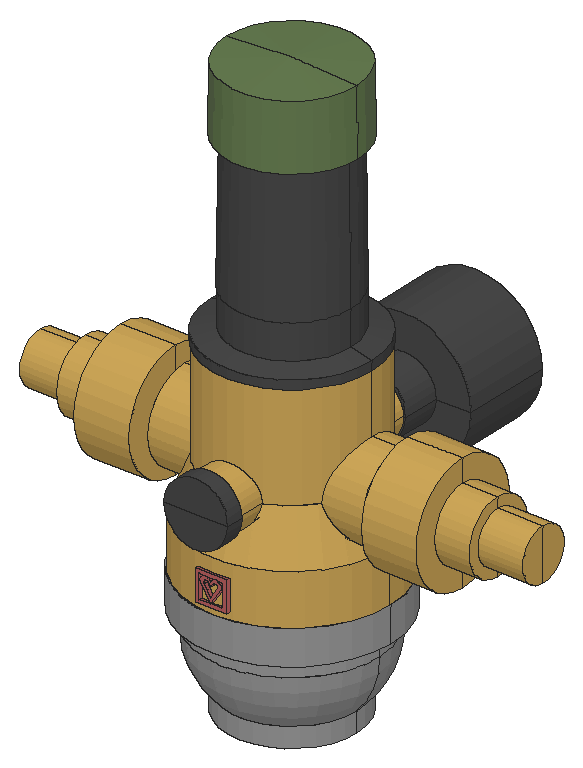
Revit family "HERZ Diaphragm Pressure Reducing Valve With Plastic Cap 2682", category Rohrzubehör, Revit 2021
Family settings
  Bemaßung runder Anschluss = Durchmesser verwenden
  Teiletyp = Unterbricht
  OmniClass-Nummer = 23.65.55.14
  OmniClass-Titel = Valves for Liquid Services
  Arbeitsebenenbasiert = Nein
  Immer vertikal = Ja
  Beim Laden mit Abzugskörper schneiden = Nein
  Gemeinsam genutzt = Nein
Parameters (values of type "Manometer back")
  Vorgabe-Ansicht = 0.000 mm
  Part number [instance] = size_lookup("2682_K_", "Artnr", 0, Nennweite)  # 1268211
  Note = "Pursuant to Article 33 of the REACH Regulation (EC No. 1907/2006), we are obliged to point out that the material lead is listed on the SVHC list and that all brass components manufactured in our products exceed 0.1% (w / w) lead (CAS: 7439-92-1 / EINECS: 231-100-4).\r\nSince lead is a component part of an alloy, actual exposure is not possible and therefore no additional information on safe use is necessary."
  Factory settings = 300000.0 Pa  # constant formula
  W01 = 91.00°  # constant formula
  Vorne [instance] = no
  VRL03 [instance] = size_lookup("2682_K_", "VRL3", 1.000 mm, Nennweite)  # 23.500 mm
  VRL02 [instance] = size_lookup("2682_K_", "VRL2", 1.000 mm, Nennweite)  # 16.000 mm
  VRL01 [instance] = size_lookup("2682_K_", "VRL1", 1.000 mm, Nennweite)  # 73.500 mm
  VRD02 [instance] = size_lookup("2682_K_", "VRD2", 1.000 mm, Nennweite)  # 17.000 mm
  VRD01 [instance] = size_lookup("2682_K_", "VRD1", 1.000 mm, Nennweite)  # 10.500 mm
  VRAG [instance] = Nennweite / 2  # 7.500 mm
  URL = "www.herzvalves.com"
  Standard = "EN 1567"  # constant formula
  Spring = "spring steel"  # constant formula
  SC_NennweiteBerechnet = 0
  SC_Dimension = ""
  SCTWSEQ = "AW;SBT_TYP_AW=\"111\";2"
  SCTWCODE = "04;24;02"  # constant formula
  S02 = 10.000 mm  # constant formula
  S01 [instance] = VRD02 * 2  # 34.000 mm
  R07 [instance] = R05 + 0.800 mm  # 9.300 mm
  R06 = 19.500 mm  # constant formula
  R05 [instance] = size_lookup("2682_K_", "R5", 1.000 mm, Nennweite)  # 8.500 mm
  R04 [instance] = size_lookup("2682_K_", "R4", 1.000 mm, Nennweite)  # 18.900 mm
  R03 [instance] = size_lookup("2682_K_", "R3", 1.000 mm, Nennweite)  # 19.250 mm
  R02 [instance] = size_lookup("2682_K_", "R2", 1.000 mm, Nennweite)  # 28.750 mm
  R01 [instance] = size_lookup("2682_K_", "R1", 1.000 mm, Nennweite)  # 23.250 mm
  Upper part = "PA6.6"  # constant formula
  Nennweite [instance] = 15.000 mm
  Max. operating temperature = 40 °C  # constant formula
  Diaphragm = "EPDM"  # constant formula
  Medium = "water"  # constant formula
  Max. inlet pressure = 1600000.0 Pa  # constant formula
  Manometer scale = "0 - 10 bar"  # constant formula
  Pressure gauge connectors = "1/4\" F (ISO 228-1)"
  LO01 [instance] = H02 - 2.000 mm  # 27.000 mm
  L01 [instance] = size_lookup("2682_K_", "L1", 1.000 mm, Nennweite)  # 10.600 mm
  L00 [instance] = size_lookup("2682_K_", "L", 1.000 mm, Nennweite)  # 84.000 mm
  Bottom cover = "PA12, transparent"  # constant formula
  Hinten [instance] = yes
  Hersteller = "HERZ Armaturen Ges.m.b.H."  # constant formula
  Handle = "PA 6.6, green"  # constant formula
  H12 [instance] = size_lookup("2682_K_", "H12", 1.000 mm, Nennweite)  # 5.800 mm
  H11 [instance] = size_lookup("2682_K_", "H11", 1.000 mm, Nennweite)  # 10.000 mm
  H10 [instance] = size_lookup("2682_K_", "H10", 1.000 mm, Nennweite)  # 37.000 mm
  H09 [instance] = H01 + H04 - H05  # 84.500 mm
  H08 [instance] = size_lookup("2682_K_", "H8", 1.000 mm, Nennweite)  # 20.000 mm
  H07 [instance] = size_lookup("2682_K_", "H7", 1.000 mm, Nennweite)  # 10.000 mm
  H06 [instance] = size_lookup("2682_K_", "H6", 1.000 mm, Nennweite)  # 2.500 mm
  H05 [instance] = size_lookup("2682_K_", "H5", 1.000 mm, Nennweite)  # 4.700 mm
  H04 [instance] = size_lookup("2682_K_", "H4", 1.000 mm, Nennweite)  # 58.700 mm
  H03 [instance] = D02 + 1.000 mm  # 14.220 mm
  H02 [instance] = size_lookup("2682_K_", "H2", 1.000 mm, Nennweite)  # 29.000 mm
  H01 [instance] = size_lookup("2682_K_", "H1", 1.000 mm, Nennweite)  # 30.500 mm
  GT1 [instance] = size_lookup("2682_K_", "GT1", 1.000 mm, Nennweite)  # 12.000 mm
  GT [instance] = size_lookup("2682_K_", "GT", 1.000 mm, Nennweite)  # 13.200 mm
  Filter = "stainless stee, mesh size 0.3 mm"  # constant formula
  Spring guide = "stainless steel"  # constant formula
  Outlet pressure range = "1.5 - 6 bar"  # constant formula
  Sealing = "EPDM"  # constant formula
  D09 [instance] = size_lookup("2682_K_", "D9", 1.000 mm, Nennweite)  # 19.000 mm
  D08 [instance] = size_lookup("2682_K_", "D8", 1.000 mm, Nennweite)  # 25.800 mm
  D07 [instance] = size_lookup("2682_K_", "D7", 1.000 mm, Nennweite)  # 29.000 mm
  D06 [instance] = size_lookup("2682_K_", "D6", 1.000 mm, Nennweite)  # 16.000 mm
  D05 [instance] = size_lookup("2682_K_", "D5", 1.000 mm, Nennweite)  # 16.800 mm
  D04 [instance] = size_lookup("2682_K_", "D4", 1.000 mm, Nennweite)  # 17.300 mm
  D03 [instance] = size_lookup("2682_K_", "D3", 1.000 mm, Nennweite)  # 23.500 mm
  D02 [instance] = size_lookup("2682_K_", "D2", 1.000 mm, Nennweite)  # 13.220 mm
  D01 [instance] = size_lookup("2682_K_", "D1", 1.000 mm, Nennweite)  # 9.525 mm
  Body = "forged brass acc. to EN 12165; CW626N"  # constant formula
  B03 = 5.000 mm  # constant formula
  B02 = 26.000 mm  # constant formula
  B01 [instance] = size_lookup("2682_K_", "B1", 1.000 mm, Nennweite)  # 30.000 mm
  B00 [instance] = size_lookup("2682_K_", "B", 1.000 mm, Nennweite)  # 67.000 mm
  External thread = "acc. to ISO 7-1 and ISO228"  # constant formula
  Application = "The pressure reducing valve protects installations against over pressure (reduces input pressure to a working level).\r\nIt can also be used in heating systems to protect boiler against increased pressure.\r\nThe outlet pressure is adjustable and does not vary with changes of the inlet pressure.\r\nThe outlet pressure can be adjusted by turning the green handle.\r\nTurning the handle clockwise increases the outlet pressure.\r\nTurning above the stated values on the pressure reducer scale may damage the valve.\r\nWe recommend the max. outlet pressure of 4 bar for private house installations (product long life, costs,...).\r\nAfter each new setting of the outlet pressure, the regulated pipe has to be opened and closed."
Types (3, lengths in mm): name | Note | Vorne | URL | Hinten | Application
  (no name) | "Pursuant to Article 33 of the REACH Regulation (EC No. 1907/2006), we are obliged to point out that the material lead is listed on the SVHC list and that all brass components manufactured in our products exceed 0.1% (w / w) lead (CAS: 7439-92-1 / EINECS: 231-100-4).\r\nSince lead is a component part of an alloy, actual exposure is not possible and therefore no additional information on safe use is necessary." | no | "www.herzvalves.com" | yes | "The pressure reducing valve protects installations against over pressure (reduces input pressure to a working level).\r\nIt can also be used in heating systems to protect boiler against increased pressure.\r\nThe outlet pressure is adjustable and does not vary with changes of the inlet pressure.\r\nThe outlet pressure can be adjusted by turning the green handle.\r\nTurning the handle clockwise increases the outlet pressure.\r\nTurning above the stated values on the pressure reducer scale may damage the valve.\r\nWe recommend the max. outlet pressure of 4 bar for private house installations (product long life, costs,...).\r\nAfter each new setting of the outlet pressure, the regulated pipe has to be opened and closed."
  Manometer front | "Gemäß Art 33 der REACH-Verordnung (EG Nr. 1907/2006) sind wir verpflichtet, darauf hinzuweisen, dass der Stoff Blei auf der SVHC-Liste geführt wird und dass alle aus Messing bestehenden Bauteile, die in unseren Erzeugnissen verarbeitet sind, mehr als 0,1 % (w/w) Blei (CAS: 7439-92-1 / EINECS: 231-100-4) enthalten.\r\nDa Blei als Legierungsbestandteil fest gebunden ist, sind keine Expositionen zu erwarten und daher sind keine zusätzlichen Angaben zur sicheren Verwendung notwendig." | yes | "www.herz-armaturen.at" | no | "Typischerweise dient der Druckreduzierer dazu, Installationen beziehungsweise Anlagen vor zu hohem Druck zu schützen.\r\nWeiters können Druckreduzierer in Heizungsanlagen eingesetzt werden, um zu hohe Drücke im Boiler zu verhindern.\r\nDer Druck nach dem Druckreduzierer ist im angegebenen Bereich einstellbar und steht nicht im Zusammenhang mit dem Vordruck.\r\nUm den Druck nach dem Druckreduzierer zu steigern, muss der Handgriff im Uhrzeigersinn gedreht werden.\r\nDurch das Einstellen von Drücken, welche die vorgegebene Skala überschreiten, können Schäden am Druckreduzierer entstehen.\r\nWir empfehlen einen maximalen Hinterdruck sekundärseitig von 4 bar für Anlagen in privaten Haushalten (lange Produktlebensdauer, geringe Kosten).\r\nNach jeder Änderung des Einstellwertes muss die Ausgangsseite druckentlastet werden, zum Beispiel durch Wasserzapfen."
  Manometer back | "Pursuant to Article 33 of the REACH Regulation (EC No. 1907/2006), we are obliged to point out that the material lead is listed on the SVHC list and that all brass components manufactured in our products exceed 0.1% (w / w) lead (CAS: 7439-92-1 / EINECS: 231-100-4).\r\nSince lead is a component part of an alloy, actual exposure is not possible and therefore no additional information on safe use is necessary." | no | "www.herzvalves.com" | yes | "The pressure reducing valve protects installations against over pressure (reduces input pressure to a working level).\r\nIt can also be used in heating systems to protect boiler against increased pressure.\r\nThe outlet pressure is adjustable and does not vary with changes of the inlet pressure.\r\nThe outlet pressure can be adjusted by turning the green handle.\r\nTurning the handle clockwise increases the outlet pressure.\r\nTurning above the stated values on the pressure reducer scale may damage the valve.\r\nWe recommend the max. outlet pressure of 4 bar for private house installations (product long life, costs,...).\r\nAfter each new setting of the outlet pressure, the regulated pipe has to be opened and closed."
Reference planes
  plane 1 "Mitte (Vorne/hinten)": y = 0
  plane 2: z = 0
  plane 3 "Mitte (Links/rechts)": x = 0
Forms (mm)
  Revolve 1, solid, material "Messing, weicher Gelbton, geschweißt", detail levels fine
    sketch origin (0, 0, 0) x (1, 0, 0) y (0, 0, 1)
      loop
        line (-42, 0) -> (42, 0) -> (42, 9.525) -> (31.4, 9.525) -> (31.4, 13.22) -> (-31.4, 13.22) -> (-31.4, 9.525) -> (-42, 9.525) -> (-42, 0)
      axis (-42, 0) -> (42, 0)
    angle from 0 to 360
  Revolve 2, solid, material "Messing, weicher Gelbton, geschweißt", detail levels fine
    sketch origin (0, 0, 0) x (1, 0, 0) y (0, 0, 1)
      loop
        line (0, -29) -> (28.75, -29) -> (28.75, -14.22) -> (23.25, 0) -> (23.25, 30.5) -> (0, 30.5) -> (0, -29)
      axis (0, 30.5) -> (0, -29)
    angle from 0 to 360
  Revolve 3, solid, material "Acetalharz, Schwarz", detail levels fine
    sketch origin (0, 0, 0) x (1, 0, 0) y (0, 0, 1)
      loop
        line (0, 30.5) -> (0, 89.2) -> (-16, 89.2) -> (-16, 84.5) -> (-16.8, 84.5) -> (-17.3, 44.5) -> (-17.3, 34.5) -> (-23.5, 33) -> (-23.5, 30.5) -> (0, 30.5)
      axis (0, 89.2) -> (0, 30.5)
    angle from 0 to 360
  Revolve 4, solid, material "Kunststoff GRÜN", detail levels fine
    sketch origin (0, 0, 0) x (1, 0, 0) y (0, 0, 1)
      loop
        line (0, 84.5) -> (19.25, 84.5) -> (18.9, 103.392)
        arc (18.9, 103.392) -> (9.466, 104.223) -> (0, 104.5) r 161.794
        line (0, 104.5) -> (0, 84.5)
      axis (0, 104.5) -> (0, 84.5)
    angle from 0 to 360
  Revolve 5, solid, material "Kunststoff, transparent", detail levels fine
    sketch origin (0, 0, 0) x (1, 0, 0) y (0, 0, 1)
      loop
        line (0, -29) -> (0, -66) -> (19, -66) -> (19, -60.2)
        arc (19, -60.2) -> (24.034, -52.577) -> (25.8, -43.615) r 23.626
        line (25.8, -43.615) -> (25.8, -39) -> (29, -39) -> (29, -29) -> (0, -29)
      axis (0, -29) -> (0, -66)
    angle from 0 to 360
  Revolve 6, solid, material "Messing, weicher Gelbton, geschweißt", detail levels fine
    sketch origin (0, 0, 0) x (1, 0, 0) y (0, 0, 1)
      loop
        line (34, 9.525) -> (46, 9.525) -> (46, 0) -> (73.5, 0) -> (73.5, 7.5) -> (60.3, 7.5) -> (60.3, 10.5) -> (50, 10.5) -> (50, 17) -> (34, 17) -> (34, 9.525)
      loop
        line (-34, 9.525) -> (-34, 17) -> (-50, 17) -> (-50, 10.5) -> (-60.3, 10.5) -> (-60.3, 7.5) -> (-73.5, 7.5) -> (-73.5, 0) -> (-46, 0) -> (-46, 9.525) -> (-34, 9.525)
      axis (-73.5, 0) -> (73.5, 0)
    angle from 0 to 360
  Revolve 7, solid, material "Messing, weicher Gelbton, geschweißt", detail levels fine
    sketch origin (0, 0, 0) x (1, 0, 0) y (0, 1, 0)
      loop
        line (0, 30) -> (0, -30) -> (8.5, -30) -> (8.5, 30) -> (0, 30)
      axis (0, 30) -> (0, -30)
    angle from 0 to 360
  Revolve 8, solid, material "Acetalharz, Schwarz", visible <- "Vorne", detail levels fine
    sketch origin (0, 0, 0) x (1, 0, 0) y (0, 1, 0)
      loop
        line (0, -30) -> (0, -65) -> (17.5, -65) -> (17.5, -67) -> (19.5, -67) -> (19.5, -41) -> (9.3, -41) -> (9.3, -30) -> (0, -30)
      axis (0, -30) -> (0, -67)
    angle from 0 to 360
  Revolve 9, solid, material "Acetalharz, Schwarz", visible <- "Vorne", detail levels fine
    sketch origin (0, 0, 0) x (1, 0, 0) y (0, 1, 0)
      loop
        line (0, 30) -> (9.3, 30) -> (9.3, 35) -> (0, 35) -> (0, 30)
      axis (0, 35) -> (0, 30)
    angle from 0 to 360
  Revolve 10, solid, material "Acetalharz, Schwarz", visible <- "Hinten", detail levels fine
    sketch origin (0, 0, 0) x (1, 0, 0) y (0, -1, 0)
      loop
        line (0, 30) -> (9.3, 30) -> (9.3, 35) -> (0, 35) -> (0, 30)
      axis (0, 35) -> (0, 30)
    angle from 0 to 360
  Revolve 11, solid, material "Acetalharz, Weiß", visible <- "Vorne", detail levels fine
    sketch origin (0, 0, 0) x (1, 0, 0) y (0, 1, 0)
      loop
        line (0, -65) -> (0, -66.5) -> (17.5, -66.5) -> (17.5, -65) -> (0, -65)
      axis (0, -65) -> (0, -66.5)
    angle from 0 to 360
  Revolve 12, solid, material "Acetalharz, Schwarz", visible <- "Hinten", detail levels fine
    sketch origin (0, 0, 0) x (1, 0, 0) y (0, -1, 0)
      loop
        line (0, -30) -> (0, -65) -> (17.5, -65) -> (17.5, -67) -> (19.5, -67) -> (19.5, -41) -> (9.3, -41) -> (9.3, -30) -> (0, -30)
      axis (0, -30) -> (0, -67)
    angle from 0 to 360
  Revolve 13, solid, material "Acetalharz, Weiß", visible <- "Hinten", detail levels fine
    sketch origin (0, 0, 0) x (1, 0, 0) y (0, -1, 0)
      loop
        line (0, -65) -> (0, -66.5) -> (17.5, -66.5) -> (17.5, -65) -> (0, -65)
      axis (0, -65) -> (0, -66.5)
    angle from 0 to 360
Lines and regions (mm)
  model lines, detail levels coarse+medium
    curve 1: line (-42, 0, -17) -> (-42, 0, 17)
    curve 2: line (-42, 0, 17) -> (42, 0, -34)
    curve 3: line (42, 0, -34) -> (42, 0, 34)
    curve 4: line (42, 0, 34) -> (-42, 0, -17)
    curve 5: line (-42, 0, 17) -> (-52, 0, 17)
    curve 6: line (-52, 0, 17) -> (-42, 0, 0)
    curve 7: line (-42, 0, -17) -> (-52, 0, -17)
    curve 8: line (-52, 0, -17) -> (-42, 0, 0)
    curve 9: line (-42, 0, 0) -> (-73.5, 0, 0)
    curve 10: line (42, 0, 17) -> (52, 0, 17)
    curve 11: line (52, 0, 17) -> (42, 0, 0)
    curve 12: line (42, 0, -17) -> (52, 0, -17)
    curve 13: line (52, 0, -17) -> (42, 0, 0)
    curve 14: line (42, 0, 0) -> (73.5, 0, 0)
    curve 15: line (-42, -17, 0) -> (-42, 17, 0)
    curve 16: line (-42, 17, 0) -> (42, -34, 0)
    curve 17: line (42, -34, 0) -> (42, 34, 0)
    curve 18: line (42, 34, 0) -> (-42, -17, 0)
    curve 19: line (-42, 17, 0) -> (-52, 17, 0)
    curve 20: line (-52, 17, 0) -> (-42, 0, 0)
    curve 21: line (-42, -17, 0) -> (-52, -17, 0)
    curve 22: line (-52, -17, 0) -> (-42, 0, 0)
    curve 23: line (42, 0, -17) -> (42, 0, 17)
    curve 24: line (42, 0, 17) -> (52, 0, 17)
    curve 25: line (52, 0, 17) -> (42, 0, 0)
    curve 26: line (42, 17, 0) -> (52, 17, 0)
    curve 27: line (52, 17, 0) -> (42, 0, 0)
    curve 28: line (42, -17, 0) -> (52, -17, 0)
    curve 29: line (52, -17, 0) -> (42, 0, 0)
Dimensions and locks
  equal spacing: Revolve 1 sketch curve, plane 3 "Mitte (Links/rechts)", Revolve 1 sketch curve
  "L00": Revolve 1 sketch curve to Revolve 1 sketch curve
  "L01": Revolve 1 sketch curve to Revolve 1 sketch curve  (x2)
  "D01": Revolve 1 sketch curve to Revolve 1 sketch curve  (x2)
  "D02": Revolve 1 sketch curve to plane 2
  "R01": Revolve 2 sketch curve to Revolve 2 sketch curve
  "R02": Revolve 2 sketch curve to Revolve 2 sketch curve
  "H01": Revolve 2 sketch curve to plane 2
  "H02": plane 2 to Revolve 2 sketch curve
  "H03": plane 2 to Revolve 2 sketch curve
  "H01": Revolve 3 sketch curve to plane 2
  "H04": Revolve 3 sketch curve to Revolve 3 sketch curve
  "H05": Revolve 3 sketch curve to Revolve 3 sketch curve
  "H06": Revolve 3 sketch curve to Revolve 3 sketch curve
  "H07": Revolve 3 sketch curve to Revolve 3 sketch curve
  "D03": Revolve 3 sketch curve to Revolve 3 sketch curve
  "D04": Revolve 3 sketch curve to Revolve 3 sketch curve
  "D05": Revolve 3 sketch curve to Revolve 3 sketch curve
  "D06": Revolve 3 sketch curve to Revolve 3 sketch curve
  "R03": Revolve 4 sketch curve to Revolve 4 sketch curve
  "H08": Revolve 4 sketch curve to Revolve 4 sketch curve
  "R04": Revolve 4 sketch curve to plane 3 "Mitte (Links/rechts)"
  "H09": Revolve 4 sketch curve to plane 2
  "H10": Revolve 5 sketch curve to Revolve 5 sketch curve
  "H02": plane 2 to Revolve 5 sketch curve
  "D07": Revolve 5 sketch curve to Revolve 5 sketch curve
  "H11": Revolve 5 sketch curve to Revolve 5 sketch curve
  "D08": Revolve 5 sketch curve to Revolve 5 sketch curve
  "H12": Revolve 5 sketch curve to Revolve 5 sketch curve
  "D09": Revolve 5 sketch curve to Revolve 5 sketch curve
  "VRL02": Revolve 6 sketch curve to Revolve 6 sketch curve  (x2)
  "VRL01": Revolve 6 sketch curve to plane 3 "Mitte (Links/rechts)"
  "GT": Revolve 6 sketch curve to Revolve 6 sketch curve  (x2)
  "VRL03": Revolve 6 sketch curve to Revolve 6 sketch curve  (x2)
  "D01": Revolve 6 sketch curve to plane 2  (x2)
  "GT1": Revolve 6 sketch curve to Revolve 6 sketch curve  (x2)
  "VRAG": Revolve 6 sketch curve to plane 2  (x2)
  "VRD01": Revolve 6 sketch curve to plane 2  (x2)
  "VRD02": Revolve 6 sketch curve to Revolve 6 sketch curve  (x2)
  "VRL01": plane 3 "Mitte (Links/rechts)" to Revolve 6 sketch curve
  "B01": Revolve 7 sketch curve to plane 1 "Mitte (Vorne/hinten)" to Revolve 7 sketch curve
  "R05": Revolve 7 sketch curve to Revolve 7 sketch curve
  "B00": Revolve 8 sketch curve to plane 1 "Mitte (Vorne/hinten)"
  "B01": plane 1 "Mitte (Vorne/hinten)" to Revolve 8 sketch curve
  "B02": Revolve 8 sketch curve to Revolve 8 sketch curve
  "R06": Revolve 8 sketch curve to Revolve 8 sketch curve
  "R07": Revolve 8 sketch curve to Revolve 8 sketch curve
  "R02": nested 1 to plane 1 "Mitte (Vorne/hinten)"
  "LO01": plane 2 to nested 1
  "VRD02": curve 2 to plane 2 to curve 4
  "S01": curve 4 to plane 2 to curve 3
  equal spacing: curve 3, plane 3 "Mitte (Links/rechts)", curve 1
  "L00": curve 3 to curve 1
  "S02": curve 1 to curve 6
  "S02": curve 1 to curve 8
  "VRL01": plane 3 "Mitte (Links/rechts)" to curve 9
  "S02": curve 11 to curve 3
  "S02": curve 13 to curve 3
  "VRL01": curve 14 to plane 3 "Mitte (Links/rechts)"
  "VRD02": curve 10 to plane 2 to curve 12
  equal spacing: curve 15, plane 3 "Mitte (Links/rechts)", curve 17
  "L00": curve 15 to curve 17
  "VRD02": curve 18 to plane 1 "Mitte (Vorne/hinten)" to curve 16
  "S01": curve 17 to plane 1 "Mitte (Vorne/hinten)" to curve 18
  "S02": curve 20 to curve 15
  "S02": curve 22 to curve 15
  "S02": curve 17 to curve 27
  "S02": curve 17 to curve 29
  "VRD02": curve 28 to plane 1 "Mitte (Vorne/hinten)" to curve 26
  "R07": Revolve 9 sketch curve to Revolve 9 sketch curve
  "B01": plane 1 "Mitte (Vorne/hinten)" to Revolve 9 sketch curve
  "B03": Revolve 9 sketch curve to Revolve 9 sketch curve
  "R07": Revolve 10 sketch curve to Revolve 10 sketch curve
  "B03": Revolve 10 sketch curve to Revolve 10 sketch curve
  "B01": Revolve 10 sketch curve to plane 1 "Mitte (Vorne/hinten)"
  "B02": Revolve 12 sketch curve to Revolve 12 sketch curve
  "R06": Revolve 12 sketch curve to Revolve 12 sketch curve
  "R07": Revolve 12 sketch curve to Revolve 12 sketch curve
  aligned and locked: level to plane 2
Automatic sketch dimensions
  Revolve 11 sketch curve to plane 3 "Mitte (Links/rechts)" = 0.000 mm  (x2)
  plane 3 "Mitte (Links/rechts)" to Revolve 11 sketch curve = 17.500 mm
  plane 1 "Mitte (Vorne/hinten)" to Revolve 11 sketch curve = 66.500 mm
  Revolve 11 sketch curve to Revolve 11 sketch curve = 1.500 mm
  Revolve 11 sketch curve to Revolve 11 sketch curve = 1933.500 mm
  Revolve 11 sketch curve to plane 1 "Mitte (Vorne/hinten)" = 2000.000 mm
  Revolve 13 sketch curve to plane 3 "Mitte (Links/rechts)" = 0.000 mm  (x2)
  Revolve 13 sketch curve to plane 3 "Mitte (Links/rechts)" = 17.500 mm
  plane 1 "Mitte (Vorne/hinten)" to Revolve 13 sketch curve = 66.500 mm
  Revolve 13 sketch curve to Revolve 13 sketch curve = 1.500 mm
  Revolve 13 sketch curve to Revolve 13 sketch curve = 1933.500 mm
  Revolve 13 sketch curve to plane 1 "Mitte (Vorne/hinten)" = 2000.000 mm
  curve 25 to level = 0.000 mm
  curve 14 to level = 0.000 mm
  curve 6 to level = 0.000 mm
  curve 8 to level = 0.000 mm
  curve 24 to curve 10 = 0.000 mm
  plane 1 "Mitte (Vorne/hinten)" to curve 29 = 0.000 mm
  plane 1 "Mitte (Vorne/hinten)" to curve 20 = 0.000 mm
  Revolve 1 sketch curve to level = 0.000 mm  (x2)
  Revolve 1 sketch curve to Revolve 1 sketch curve = 1464.530 mm
  Revolve 1 sketch curve to Revolve 1 sketch curve = 1797.148 mm
  Revolve 2 sketch curve to plane 3 "Mitte (Links/rechts)" = 0.000 mm  (x2)
  Revolve 2 sketch curve to level = 0.000 mm
  Revolve 2 sketch curve to Revolve 2 sketch curve = 337.045 mm
  Revolve 2 sketch curve to Revolve 2 sketch curve = 2183.815 mm
  Revolve 3 sketch curve to plane 3 "Mitte (Links/rechts)" = 0.000 mm  (x2)
  Revolve 3 sketch curve to Revolve 3 sketch curve = 1.500 mm
  Revolve 3 sketch curve to level = 366.045 mm
  Revolve 3 sketch curve to Revolve 3 sketch curve = 2125.115 mm
  Revolve 4 sketch curve to plane 3 "Mitte (Links/rechts)" = 0.000 mm  (x2)
  Revolve 4 sketch curve to level = 57.294 mm
  Revolve 4 sketch curve to Revolve 4 sketch curve = 308.751 mm
  Revolve 4 sketch curve to Revolve 4 sketch curve = 2109.815 mm
  Revolve 5 sketch curve to plane 3 "Mitte (Links/rechts)" = 0.000 mm  (x2)
  plane 3 "Mitte (Links/rechts)" to Revolve 5 sketch curve = 2.174 mm
  Revolve 5 sketch curve to Revolve 5 sketch curve = 300.045 mm
  level to Revolve 5 sketch curve = 2214.315 mm
  Revolve 6 sketch curve to level = 0.000 mm  (x3)
  Revolve 6 sketch curve to Revolve 6 sketch curve = 1433.030 mm
  Revolve 6 sketch curve to Revolve 6 sketch curve = 1765.648 mm
  Revolve 7 sketch curve to plane 3 "Mitte (Links/rechts)" = 0.000 mm  (x2)
  Revolve 7 sketch curve to Revolve 7 sketch curve = 1950.000 mm  (x2)
  Revolve 8 sketch curve to plane 3 "Mitte (Links/rechts)" = 0.000 mm  (x2)
  Revolve 8 sketch curve to Revolve 8 sketch curve = 2.000 mm  (x2)
  Revolve 8 sketch curve to Revolve 8 sketch curve = 0.000 mm
  Revolve 8 sketch curve to plane 1 "Mitte (Vorne/hinten)" = 2000.000 mm
  Revolve 9 sketch curve to plane 3 "Mitte (Links/rechts)" = 0.000 mm  (x2)
  plane 1 "Mitte (Vorne/hinten)" to Revolve 9 sketch curve = 2000.000 mm
  Revolve 9 sketch curve to Revolve 9 sketch curve = 1963.119 mm
  Revolve 10 sketch curve to plane 3 "Mitte (Links/rechts)" = 0.000 mm  (x2)
  plane 1 "Mitte (Vorne/hinten)" to Revolve 10 sketch curve = 2000.000 mm
  Revolve 10 sketch curve to Revolve 10 sketch curve = 1963.119 mm
  Revolve 12 sketch curve to plane 3 "Mitte (Links/rechts)" = 0.000 mm  (x2)
  Revolve 12 sketch curve to Revolve 12 sketch curve = 2.000 mm  (x2)
  plane 1 "Mitte (Vorne/hinten)" to Revolve 12 sketch curve = 67.000 mm
  Revolve 12 sketch curve to Revolve 12 sketch curve = 11.000 mm
  Revolve 12 sketch curve to Revolve 12 sketch curve = 0.000 mm
  Revolve 12 sketch curve to plane 1 "Mitte (Vorne/hinten)" = 2000.000 mm
Nested families
  nested 1: "Herz-Logo-vorne" at (0, -28.75, -22.5) x (0, 1, 0) z (0, 0, 1), type "Herz-Logo-vorne", detail levels fine
Connectors
  piping at (73.5, 0, 0), diameter 15, driven by "Nennweite"
    settings: on Revolve 6, index 1, connector inside diameter 609.6 mm, connector length 0.000 mm, flow factor 0, pipe flow 0.0 L/s, pressure drop 0.0 Pa, fitting loss kfactor 0, connector angle 0.00°, fixture units 0, engagement length 0.000 mm, angle of deflection 0.00°, flow configuration 0, flow direction 2, fitting loss method 0, system type 29, joint type 0, gender type 0, connector reference index -1, connector utility 0, adjustable connector no, is connector primary yes, connector description ""
  piping at (-73.5, 0, 0), diameter 15, driven by "Nennweite"
    settings: on Revolve 6, index 2, connector inside diameter 609.6 mm, connector length 0.000 mm, flow factor 0, pipe flow 0.0 L/s, pressure drop 0.0 Pa, fitting loss kfactor 0, connector angle 0.00°, fixture units 0, engagement length 0.000 mm, angle of deflection 0.00°, flow configuration 0, flow direction 1, fitting loss method 0, system type 29, joint type 0, gender type 0, connector reference index -1, connector utility 0, adjustable connector no, is connector primary no, connector description ""
Definition of nested family "Herz-Logo-vorne"
  Parameters (values of type "Herz-Logo-vorne")
    Default Elevation = 0.000 mm
  Reference planes
    plane 1 "Mitte (Vorne/hinten)": y = 0
    plane 2: z = 0
    plane 3 "Mitte (Links/rechts)": x = 0
  Forms (mm)
    Extrusion 1, solid
      sketch origin (0.732, -0.018, 0.017) x (0, -1, 0) y (0, 0, 1)
        loop
          line (-0.018, -4.517) -> (4.482, -4.517) -> (4.482, 4.483) -> (-4.518, 4.483) -> (-4.518, -4.517) -> (-0.018, -4.517)
        loop
          line (-0.05, -3.48) -> (3.482, -3.48) -> (3.482, 3.483) -> (-3.518, 3.483) -> (-3.518, -3.48) -> (-0.05, -3.48)
        loop
          arc (-0.018, 2.383) -> (-1.543, 3.287) -> (-3.067, 2.383) r 1.738
          arc (-3.067, 2.383) -> (-3.191, 1.899) -> (-3.067, 1.415) r 1.009
          line (-3.067, 1.415) -> (-0.018, -3.281) -> (3.032, 1.415)
          arc (3.032, 1.415) -> (3.156, 1.899) -> (3.032, 2.383) r 1.009
          arc (3.032, 2.383) -> (1.507, 3.287) -> (-0.018, 2.383) r 1.738
        loop
          arc (1.885, 1.272) -> (2.005, 1.675) -> (1.885, 2.079) r 0.74
          arc (1.885, 2.079) -> (1.265, 2.416) -> (0.644, 2.079) r 0.74
          line (0.644, 2.079) -> (-0.018, 0.97) -> (-0.679, 2.079)
          arc (-0.679, 2.079) -> (-1.3, 2.416) -> (-1.921, 2.079) r 0.74
          arc (-1.921, 2.079) -> (-2.04, 1.675) -> (-1.921, 1.272) r 0.74
          line (-1.921, 1.272) -> (-0.018, -1.658) -> (1.885, 1.272)
      from 0 to 1.5
  Dimensions and locks
    aligned and locked: level to plane 2
